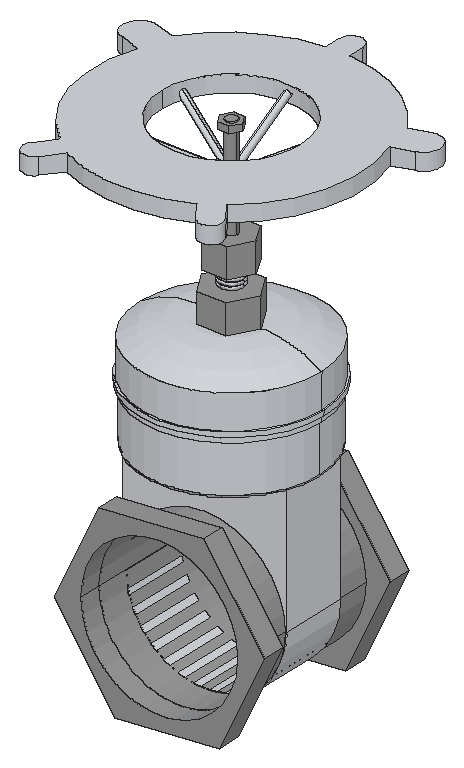
Revit family "Gate Valves - R55Y009", category Plumbing Fixtures, Revit 2015
Parameters
  Handle Material = Plastic, Green
  Body Material = Brass
Reference planes
  plane 1 "Center (Front/Back)": y = 0
  plane 2: z = 0
  plane 3 "Center (Left/Right)": x = 0
  plane 4: y = 40
  plane 5: y = -40
  plane 6: z = 186
  plane 7: y = -72.5
  plane 8: z = -47
  plane 9: y = 72.5
Forms (mm)
  Revolve 1, solid, material "Brass" <- "Body Material"
    sketch origin (0, 9.689, 0) x (1, 0, 0) y (0, 1, 0)
      loop
        line (35.8, 20.379) -> (35, 20.379) -> (35, -39.656) -> (35.8, -39.656) -> (35.8, 20.379)
      axis (0, 20.379) -> (0, -39.656)
    angle from 0 to 360
  Extrusion 2, solid, material "Brass" <- "Body Material"
    sketch origin (0, 0, -10.536) x (1, 0, 0) y (0, 1, 0)
      loop
        circle (0, 0) r 2.5
    from 43.837 to 196.175
  Extrusion 3, solid, material "Brass" <- "Body Material"
    sketch origin (0, 0.004, 64.509) x (1, 0, 0) y (0, 1, 0)
      loop
        line (5.5, 9.522) -> (-5.5, 9.522) -> (-11, -0.004) -> (-5.5, -9.531) -> (5.5, -9.531) -> (11, -0.004) -> (5.5, 9.522)
    from 63.088 to 76.088
  Extrusion 4, solid, material "Brass" <- "Body Material"
    sketch origin (0, 0.004, 44.454) x (1, 0, 0) y (0, 1, 0)
      loop
        line (6.5, 11.254) -> (-6.5, 11.254) -> (-13, -0.004) -> (-6.5, -11.263) -> (6.5, -11.263) -> (13, -0.004) -> (6.5, 11.254)
    from 61.858 to 74.858
  Extrusion 5, solid, material "Brass" <- "Body Material"
    sketch origin (0, 0.004, 119.207) x (1, 0, 0) y (0, 1, 0)
      loop
        line (2.499, 4.327) -> (-2.499, 4.327) -> (-4.998, -0.002) -> (-2.499, -4.331) -> (2.499, -4.331) -> (4.999, -0.002) -> (2.499, 4.327)
    from 63.282 to 66.282
  Revolve 6, solid
    sketch origin (0, 0.062, 41.136) x (1, 0, 0) y (0, 0, 1)
      loop
        line (0, 15.27) -> (0, 64.643) -> (-6.356, 64.643)
        arc (-6.356, 64.643) -> (-24.028, 64.46) -> (-40.312, 57.596) r 45.766
        line (-40.312, 57.596) -> (-40.312, 42.564) -> (-41.312, 42.564) -> (-41.312, 40.476) -> (-40.312, 40.476) -> (-40.312, 37.801) -> (-39.512, 37.801) -> (-39.513, 16.332)
        arc (-39.513, 16.332) -> (-39.202, 15.581) -> (-38.451, 15.27) r 1.062
        line (-38.451, 15.27) -> (0, 15.27)
      axis (0, 15.27) -> (0, 64.643)
    angle from 0 to 360
  Revolve 7, solid
    sketch origin (0, 0, -12.14) x (1, 0, 0) y (0, 0, 1)
      loop
        line (-2.47, 139.644) -> (-2.47, 138.252) -> (-5.032, 138.252)
        arc (-5.032, 138.252) -> (-5.415, 137.869) -> (-5.032, 137.487) r 0.383
        line (-5.032, 137.487) -> (-2.47, 137.487) -> (-2.47, 136.643) -> (-5.032, 136.643)
        arc (-5.032, 136.643) -> (-5.454, 136.221) -> (-5.032, 135.799) r 0.422
        line (-5.032, 135.799) -> (-2.47, 135.799) -> (-2.47, 134.955) -> (-5.032, 134.955)
        arc (-5.032, 134.955) -> (-5.454, 134.534) -> (-5.032, 134.112) r 0.422
        line (-5.032, 134.112) -> (-2.47, 134.112) -> (-2.47, 133.268) -> (-5.032, 133.268)
        arc (-5.032, 133.268) -> (-5.454, 132.846) -> (-5.032, 132.424) r 0.422
        line (-5.032, 132.424) -> (-2.47, 132.424) -> (-2.47, 131.453) -> (0, 131.453) -> (0, 139.644) -> (-2.47, 139.644)
      axis (0, 131.453) -> (0, 139.644)
    angle from 0 to 360
  Extrusion 8, solid
    sketch origin (0, -0.583, 0) x (1, 0, 0) y (0, 0, 1)
      loop
        line (36.5, 57.489) -> (-36.5, 57.489) -> (-36.5, 0)
        arc (-36.5, 0) -> (0, -36.5) -> (36.5, 0) r 36.5
        line (36.5, 0) -> (36.5, 57.489)
      loop
        circle (0, 0.001) r 35
    from -15.583 to 14.417
  Extrusion 9, solid, material "Brass" <- "Body Material"
    sketch origin (0, 0.004, 100.661) x (1, 0, 0) y (0, 1, 0)
      loop
        circle (0, -0.004) r 6
    from 63.088 to 66.767
  SweptBlend 10, solid
    path origin (0, -1.76, 122.8) x (0, 1, 0) y (0, 0, 1)
      loop
        line (5.602, 43.202) -> (33.627, 59.382)
    profile origin (0, 3.843, 166.002) x (0, -0.5, 0.866025) y (1, 0, 0)
      loop
        circle (0, 0) r 1.5
    end profile origin (0, 31.868, 182.183) x (0, -0.5, 0.866025) y (1, 0, 0)
      loop
        circle (0, 0) r 1.5
  SweptBlend 11, solid
    path origin (-1.635, -0.572, 122.8) x (0.951057, 0.309017, 0) y (0, 0, 1)
      loop
        line (5.602, 43.202) -> (33.627, 59.382)
    profile origin (3.693, 1.159, 166.002) x (-0.475528, -0.154508, 0.866025) y (0.309017, -0.951057, 0)
      loop
        circle (0, 0) r 1.5
    end profile origin (30.347, 9.819, 182.183) x (-0.475528, -0.154508, 0.866025) y (0.309017, -0.951057, 0)
      loop
        circle (0, 0) r 1.5
  SweptBlend 12, solid
    path origin (-1.01, 1.35, 122.8) x (0.587785, -0.809017, 0) y (0, 0, 1)
      loop
        line (5.602, 43.202) -> (33.627, 59.382)
    profile origin (2.283, -3.182, 166.002) x (-0.293893, 0.404508, 0.866025) y (-0.809017, -0.587785, 0)
      loop
        circle (0, 0) r 1.5
    end profile origin (18.755, -25.855, 182.183) x (-0.293893, 0.404508, 0.866025) y (-0.809017, -0.587785, 0)
      loop
        circle (0, 0) r 1.5
  SweptBlend 13, solid
    path origin (1.01, 1.35, 122.8) x (-0.587785, -0.809017, 0) y (0, 0, 1)
      loop
        line (5.602, 43.202) -> (33.627, 59.382)
    profile origin (-2.283, -3.182, 166.002) x (0.293893, 0.404508, 0.866025) y (-0.809017, 0.587785, 0)
      loop
        circle (0, 0) r 1.5
    end profile origin (-18.755, -25.855, 182.183) x (0.293893, 0.404508, 0.866025) y (-0.809017, 0.587785, 0)
      loop
        circle (0, 0) r 1.5
  SweptBlend 14, solid
    path origin (1.635, -0.572, 122.8) x (-0.951057, 0.309017, 0) y (0, 0, 1)
      loop
        line (5.602, 43.202) -> (33.627, 59.382)
    profile origin (-3.693, 1.159, 166.002) x (0.475528, -0.154508, 0.866025) y (0.309017, 0.951057, 0)
      loop
        circle (0, 0) r 1.5
    end profile origin (-30.347, 9.819, 182.183) x (0.475528, -0.154508, 0.866025) y (0.309017, 0.951057, 0)
      loop
        circle (0, 0) r 1.5
  Extrusion 15, solid, material "Brass" <- "Body Material"
    sketch origin (0, -11.248, 1.501) x (1, 0, 0) y (0, 0, 1)
      loop
        circle (0, -1.5) r 35
      loop
        line (-26.958, 37) -> (-46.821, -5.596) -> (-19.863, -44.096) -> (26.958, -40) -> (46.821, 2.596) -> (19.863, 41.096) -> (-26.958, 37)
    from 18.752 to 28.752
  Extrusion 16, solid, material "Brass" <- "Body Material"
    sketch origin (0, 58.752, 1.501) x (1, 0, 0) y (0, 0, 1)
      loop
        circle (0, -1.5) r 35
      loop
        line (-26.958, 37) -> (-46.821, -5.596) -> (-19.863, -44.096) -> (26.958, -40) -> (46.821, 2.596) -> (19.863, 41.096) -> (-26.958, 37)
    from 18.752 to 28.752
  Extrusion 17, solid
    sketch origin (0.005, -4.502, 126) x (1, 0, 0) y (0, 1, 0)
      loop
        circle (-0.005, 4.502) r 31.038
      loop
        line (-65.121, 25.482) -> (-55.86, 22.473)
        arc (-55.86, 22.473) -> (-57.351, -14.004) -> (-37.287, -44.503) r 59.581
        line (-37.287, -44.503) -> (-43.359, -52.861)
        arc (-43.359, -52.861) -> (-42.209, -60.123) -> (-34.947, -58.973) r 5.199
        line (-34.947, -58.973) -> (-28.967, -50.742)
        arc (-28.967, -50.742) -> (-0.005, -57.781) -> (28.958, -50.742) r 63.106
        line (28.958, -50.742) -> (34.899, -58.919)
        arc (34.899, -58.919) -> (42.161, -60.07) -> (43.311, -52.808) r 5.199
        line (43.311, -52.808) -> (37.331, -44.577)
        arc (37.331, -44.577) -> (57.474, -14.039) -> (55.978, 22.514) r 59.587
        line (55.978, 22.514) -> (64.709, 25.482)
        arc (64.709, 25.482) -> (70.256, 34.241) -> (61.496, 39.787) r 7.331
        line (61.496, 39.787) -> (52.24, 36.78)
        arc (52.24, 36.78) -> (31.616, 56.16) -> (4.575, 64.507) r 62.751
        line (4.575, 64.507) -> (4.575, 71.839)
        arc (4.575, 71.839) -> (-0.624, 77.039) -> (-5.823, 71.84) r 5.199
        line (-5.823, 71.84) -> (-5.823, 64.383)
        arc (-5.823, 64.383) -> (-32.096, 55.79) -> (-52.127, 36.741) r 62.741
        line (-52.127, 36.741) -> (-61.502, 39.787)
        arc (-61.502, 39.787) -> (-70.67, 34.496) -> (-65.121, 25.482) r 7.381
    from 52.613 to 60
Dimensions and locks
  plane 5 to plane 4 = 80 mm
  plane 6 to plane 2 = 186 mm
  plane 6 to plane 8 = 233 mm
  plane 7 to plane 1 "Center (Front/Back)" = 72.5 mm
  aligned and locked: level to plane 2
